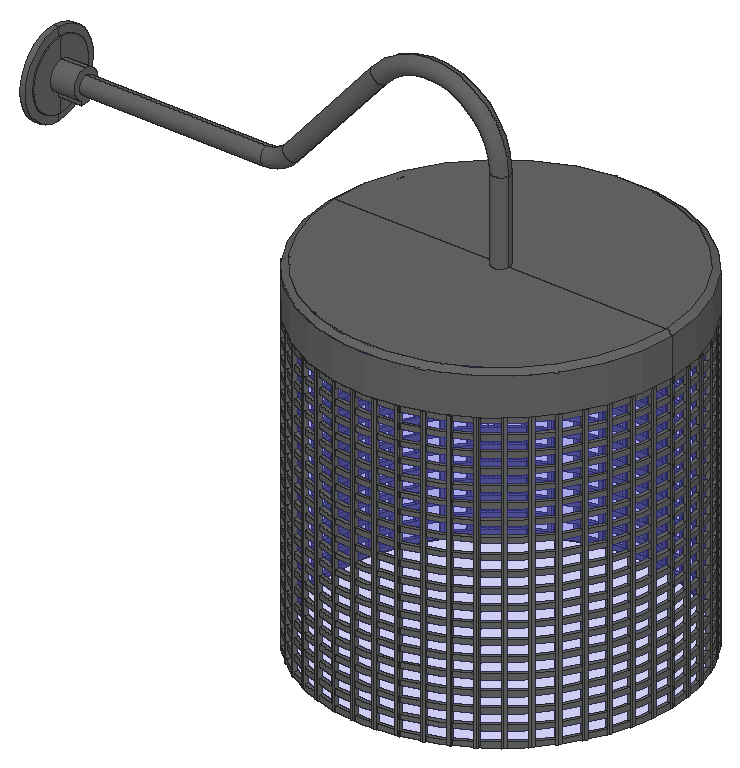
Revit family "OSOC MB 20", category Lighting Fixtures, Revit 2020 (continued)
Definition of nested family "OSOC 20_1"
  Definition of nested family "OSOC20"
    Automatic sketch dimensions
      Extrusion 10 sketch curve to Extrusion 10 sketch curve = 0' - 9.80176"
      Extrusion 10 sketch curve to Extrusion 10 sketch curve = 0' - 0.12369"
      Extrusion 11 sketch curve to Extrusion 11 sketch curve = 0' - 0"  (x17)
      Extrusion 11 sketch curve to Extrusion 11 sketch curve = 0' - 0.19748"
      Extrusion 11 sketch curve to Extrusion 11 sketch curve = 0' - 9.80176"
      Extrusion 11 sketch curve to Extrusion 11 sketch curve = 0' - 0.12369"
      Extrusion 12 sketch curve to Extrusion 12 sketch curve = 0' - 0"  (x17)
      Extrusion 12 sketch curve to Extrusion 12 sketch curve = 0' - 0.19748"
      Extrusion 12 sketch curve to Extrusion 12 sketch curve = 0' - 9.80176"
      Extrusion 12 sketch curve to Extrusion 12 sketch curve = 0' - 0.12369"
      Extrusion 13 sketch curve to Extrusion 13 sketch curve = 0' - 0"  (x17)
      Extrusion 13 sketch curve to Extrusion 13 sketch curve = 0' - 0.19748"
      Extrusion 13 sketch curve to Extrusion 13 sketch curve = 0' - 9.80176"
      Extrusion 13 sketch curve to Extrusion 13 sketch curve = 0' - 0.12369"
      Extrusion 14 sketch curve to Extrusion 14 sketch curve = 0' - 0"  (x17)
      Extrusion 14 sketch curve to Extrusion 14 sketch curve = 0' - 0.19748"
      Extrusion 14 sketch curve to Extrusion 14 sketch curve = 0' - 9.80176"
      Extrusion 14 sketch curve to Extrusion 14 sketch curve = 0' - 0.12369"
      Extrusion 15 sketch curve to Extrusion 15 sketch curve = 0' - 0"  (x17)
      Extrusion 15 sketch curve to Extrusion 15 sketch curve = 0' - 0.19748"
      Extrusion 15 sketch curve to Extrusion 15 sketch curve = 0' - 9.80176"
      Extrusion 15 sketch curve to Extrusion 15 sketch curve = 0' - 0.12369"
      Extrusion 16 sketch curve to Extrusion 16 sketch curve = 0' - 0"  (x17)
      Extrusion 16 sketch curve to Extrusion 16 sketch curve = 0' - 0.19748"
      Extrusion 16 sketch curve to Extrusion 16 sketch curve = 0' - 9.80176"
      Extrusion 16 sketch curve to Extrusion 16 sketch curve = 0' - 0.12369"
      Extrusion 17 sketch curve to Extrusion 17 sketch curve = 0' - 0"  (x17)
      Extrusion 17 sketch curve to Extrusion 17 sketch curve = 0' - 0.19748"
      Extrusion 17 sketch curve to Extrusion 17 sketch curve = 0' - 9.80176"
      Extrusion 17 sketch curve to Extrusion 17 sketch curve = 0' - 0.12369"
      Extrusion 18 sketch curve to Extrusion 18 sketch curve = 0' - 0"  (x17)
      Extrusion 18 sketch curve to Extrusion 18 sketch curve = 0' - 0.19748"
      Extrusion 18 sketch curve to Extrusion 18 sketch curve = 0' - 9.80176"
      Extrusion 18 sketch curve to Extrusion 18 sketch curve = 0' - 0.12369"
      Extrusion 19 sketch curve to Extrusion 19 sketch curve = 0' - 0"  (x17)
      Extrusion 19 sketch curve to Extrusion 19 sketch curve = 0' - 0.19748"
      Extrusion 19 sketch curve to Extrusion 19 sketch curve = 0' - 9.80176"
      Extrusion 19 sketch curve to Extrusion 19 sketch curve = 0' - 0.12369"
      Extrusion 20 sketch curve to Extrusion 20 sketch curve = 0' - 0"  (x17)
      Extrusion 20 sketch curve to Extrusion 20 sketch curve = 0' - 0.19748"
      Extrusion 20 sketch curve to Extrusion 20 sketch curve = 0' - 9.80176"
      Extrusion 20 sketch curve to Extrusion 20 sketch curve = 0' - 0.12369"
      Extrusion 21 sketch curve to Extrusion 21 sketch curve = 0' - 0"  (x17)
      Extrusion 21 sketch curve to Extrusion 21 sketch curve = 0' - 0.19748"
      Extrusion 21 sketch curve to Extrusion 21 sketch curve = 0' - 9.80176"
      Extrusion 21 sketch curve to Extrusion 21 sketch curve = 0' - 0.12369"
      Extrusion 22 sketch curve to Extrusion 22 sketch curve = 0' - 0"  (x17)
      Extrusion 22 sketch curve to Extrusion 22 sketch curve = 0' - 0.19748"
      Extrusion 22 sketch curve to Extrusion 22 sketch curve = 0' - 9.80176"
      Extrusion 22 sketch curve to Extrusion 22 sketch curve = 0' - 0.12369"
      Extrusion 23 sketch curve to Extrusion 23 sketch curve = 0' - 0"  (x17)
      Extrusion 23 sketch curve to Extrusion 23 sketch curve = 0' - 0.19748"
      Extrusion 23 sketch curve to Extrusion 23 sketch curve = 0' - 9.80176"
      Extrusion 23 sketch curve to Extrusion 23 sketch curve = 0' - 0.12369"
      Extrusion 24 sketch curve to Extrusion 24 sketch curve = 0' - 0"  (x17)
      Extrusion 24 sketch curve to Extrusion 24 sketch curve = 0' - 0.19748"
      Extrusion 24 sketch curve to Extrusion 24 sketch curve = 0' - 9.80176"
      Extrusion 24 sketch curve to Extrusion 24 sketch curve = 0' - 0.12369"
      Extrusion 25 sketch curve to Extrusion 25 sketch curve = 0' - 0"  (x17)
      Extrusion 25 sketch curve to Extrusion 25 sketch curve = 0' - 0.19748"
      Extrusion 25 sketch curve to Extrusion 25 sketch curve = 0' - 9.80176"
      Extrusion 25 sketch curve to Extrusion 25 sketch curve = 0' - 0.12369"
      Extrusion 26 sketch curve to Extrusion 26 sketch curve = 0' - 0"  (x17)
      Extrusion 26 sketch curve to Extrusion 26 sketch curve = 0' - 0.19748"
      Extrusion 26 sketch curve to Extrusion 26 sketch curve = 0' - 9.80176"
      Extrusion 26 sketch curve to Extrusion 26 sketch curve = 0' - 0.12369"
      Extrusion 27 sketch curve to Extrusion 27 sketch curve = 0' - 0"  (x17)
      Extrusion 27 sketch curve to Extrusion 27 sketch curve = 0' - 0.19748"
      Extrusion 27 sketch curve to Extrusion 27 sketch curve = 0' - 9.80176"
      Extrusion 27 sketch curve to Extrusion 27 sketch curve = 0' - 0.12369"
      Extrusion 28 sketch curve to Extrusion 28 sketch curve = 0' - 0"  (x17)
      Extrusion 28 sketch curve to Extrusion 28 sketch curve = 0' - 0.19748"
      Extrusion 28 sketch curve to Extrusion 28 sketch curve = 0' - 9.80176"
      Extrusion 28 sketch curve to Extrusion 28 sketch curve = 0' - 0.12369"
      Extrusion 29 sketch curve to Extrusion 29 sketch curve = 0' - 0"  (x17)
      Extrusion 29 sketch curve to Extrusion 29 sketch curve = 0' - 0.19748"
      Extrusion 29 sketch curve to Extrusion 29 sketch curve = 0' - 9.80176"
      Extrusion 29 sketch curve to Extrusion 29 sketch curve = 0' - 0.12369"
      Extrusion 30 sketch curve to Extrusion 30 sketch curve = 0' - 0"  (x17)
      Extrusion 30 sketch curve to Extrusion 30 sketch curve = 0' - 0.19748"
      Extrusion 30 sketch curve to Extrusion 30 sketch curve = 0' - 9.80176"
      Extrusion 30 sketch curve to Extrusion 30 sketch curve = 0' - 0.12369"
      Extrusion 31 sketch curve to Extrusion 31 sketch curve = 0' - 0"  (x17)
      Extrusion 31 sketch curve to Extrusion 31 sketch curve = 0' - 0.19748"
      Extrusion 31 sketch curve to Extrusion 31 sketch curve = 0' - 9.80176"
      Extrusion 31 sketch curve to Extrusion 31 sketch curve = 0' - 0.12369"
      Extrusion 32 sketch curve to Extrusion 32 sketch curve = 0' - 0"  (x17)
      Extrusion 32 sketch curve to Extrusion 32 sketch curve = 0' - 0.19748"
      Extrusion 32 sketch curve to Extrusion 32 sketch curve = 0' - 9.80176"
      Extrusion 32 sketch curve to Extrusion 32 sketch curve = 0' - 0.12369"
      Extrusion 33 sketch curve to Extrusion 33 sketch curve = 0' - 0"  (x17)
      Extrusion 33 sketch curve to Extrusion 33 sketch curve = 0' - 0.19748"
      Extrusion 33 sketch curve to Extrusion 33 sketch curve = 0' - 9.80176"
      Extrusion 33 sketch curve to Extrusion 33 sketch curve = 0' - 0.12369"
      Extrusion 34 sketch curve to Extrusion 34 sketch curve = 0' - 0"  (x17)
      Extrusion 34 sketch curve to Extrusion 34 sketch curve = 0' - 0.19748"
      Extrusion 34 sketch curve to Extrusion 34 sketch curve = 0' - 9.80176"
      Extrusion 34 sketch curve to Extrusion 34 sketch curve = 0' - 0.12369"
      Extrusion 35 sketch curve to Extrusion 35 sketch curve = 0' - 0"  (x17)
      Extrusion 35 sketch curve to Extrusion 35 sketch curve = 0' - 0.19748"
      Extrusion 35 sketch curve to Extrusion 35 sketch curve = 0' - 9.80176"
      Extrusion 35 sketch curve to Extrusion 35 sketch curve = 0' - 0.12369"
      Extrusion 36 sketch curve to Extrusion 36 sketch curve = 0' - 0"  (x17)
      Extrusion 36 sketch curve to Extrusion 36 sketch curve = 0' - 0.19748"
      Extrusion 36 sketch curve to Extrusion 36 sketch curve = 0' - 9.80176"
      Extrusion 36 sketch curve to Extrusion 36 sketch curve = 0' - 0.12369"
      Extrusion 37 sketch curve to Extrusion 37 sketch curve = 0' - 0"  (x17)
      Extrusion 37 sketch curve to Extrusion 37 sketch curve = 0' - 0.19748"
      Extrusion 37 sketch curve to Extrusion 37 sketch curve = 0' - 9.80176"
      Extrusion 37 sketch curve to Extrusion 37 sketch curve = 0' - 0.12369"
      Extrusion 38 sketch curve to Extrusion 38 sketch curve = 0' - 0"  (x17)
      Extrusion 38 sketch curve to Extrusion 38 sketch curve = 0' - 0.19748"
      Extrusion 38 sketch curve to Extrusion 38 sketch curve = 0' - 9.80176"
      Extrusion 38 sketch curve to Extrusion 38 sketch curve = 0' - 0.12369"
      Extrusion 39 sketch curve to Extrusion 39 sketch curve = 0' - 0"  (x17)
      Extrusion 39 sketch curve to Extrusion 39 sketch curve = 0' - 0.19748"
      Extrusion 39 sketch curve to Extrusion 39 sketch curve = 0' - 9.80176"
      Extrusion 39 sketch curve to Extrusion 39 sketch curve = 0' - 0.12369"
      Extrusion 40 sketch curve to Extrusion 40 sketch curve = 0' - 0"  (x17)
      Extrusion 40 sketch curve to Extrusion 40 sketch curve = 0' - 0.19748"
      Extrusion 40 sketch curve to Extrusion 40 sketch curve = 0' - 9.80176"
      Extrusion 40 sketch curve to Extrusion 40 sketch curve = 0' - 0.12369"
      Extrusion 41 sketch curve to Extrusion 41 sketch curve = 0' - 0"  (x17)
      Extrusion 41 sketch curve to Extrusion 41 sketch curve = 0' - 0.19748"
      Extrusion 41 sketch curve to Extrusion 41 sketch curve = 0' - 9.80176"
      Extrusion 41 sketch curve to Extrusion 41 sketch curve = 0' - 0.12369"
      Extrusion 42 sketch curve to Extrusion 42 sketch curve = 0' - 0"  (x17)
      Extrusion 42 sketch curve to Extrusion 42 sketch curve = 0' - 0.19748"
      Extrusion 42 sketch curve to Extrusion 42 sketch curve = 0' - 9.80176"
      Extrusion 42 sketch curve to Extrusion 42 sketch curve = 0' - 0.12369"
      Extrusion 43 sketch curve to Extrusion 43 sketch curve = 0' - 0"  (x17)
      Extrusion 43 sketch curve to Extrusion 43 sketch curve = 0' - 0.19748"
      Extrusion 43 sketch curve to Extrusion 43 sketch curve = 0' - 9.80176"
      Extrusion 43 sketch curve to Extrusion 43 sketch curve = 0' - 0.12369"
      Extrusion 44 sketch curve to Extrusion 44 sketch curve = 0' - 0"  (x17)
      Extrusion 44 sketch curve to Extrusion 44 sketch curve = 0' - 0.19748"
      Extrusion 44 sketch curve to Extrusion 44 sketch curve = 0' - 9.80176"
      Extrusion 44 sketch curve to Extrusion 44 sketch curve = 0' - 0.12369"
      Extrusion 45 sketch curve to Extrusion 45 sketch curve = 0' - 0"  (x17)
      Extrusion 45 sketch curve to Extrusion 45 sketch curve = 0' - 0.19748"
      Extrusion 45 sketch curve to Extrusion 45 sketch curve = 0' - 9.80176"
      Extrusion 45 sketch curve to Extrusion 45 sketch curve = 0' - 0.12369"
      Extrusion 46 sketch curve to Extrusion 46 sketch curve = 0' - 0"  (x17)
      Extrusion 46 sketch curve to Extrusion 46 sketch curve = 0' - 0.19748"
      Extrusion 46 sketch curve to Extrusion 46 sketch curve = 0' - 9.80176"
      Extrusion 46 sketch curve to Extrusion 46 sketch curve = 0' - 0.12369"
      Extrusion 47 sketch curve to Extrusion 47 sketch curve = 0' - 0"  (x17)
      Extrusion 47 sketch curve to Extrusion 47 sketch curve = 0' - 0.19748"
      Extrusion 47 sketch curve to Extrusion 47 sketch curve = 0' - 9.80176"
      Extrusion 47 sketch curve to Extrusion 47 sketch curve = 0' - 0.12369"
      Extrusion 48 sketch curve to Extrusion 48 sketch curve = 0' - 0"  (x17)
      Extrusion 48 sketch curve to Extrusion 48 sketch curve = 0' - 0.19748"
      Extrusion 48 sketch curve to Extrusion 48 sketch curve = 0' - 9.80176"
      Extrusion 48 sketch curve to Extrusion 48 sketch curve = 0' - 0.12369"
      Extrusion 49 sketch curve to Extrusion 49 sketch curve = 0' - 0"  (x17)
      Extrusion 49 sketch curve to Extrusion 49 sketch curve = 0' - 0.19748"
      Extrusion 49 sketch curve to Extrusion 49 sketch curve = 0' - 9.80176"
      Extrusion 49 sketch curve to Extrusion 49 sketch curve = 0' - 0.12369"
      Extrusion 50 sketch curve to Extrusion 50 sketch curve = 0' - 0"  (x17)
      Extrusion 50 sketch curve to Extrusion 50 sketch curve = 0' - 0.19748"
      Extrusion 50 sketch curve to Extrusion 50 sketch curve = 0' - 9.80176"
      Extrusion 50 sketch curve to Extrusion 50 sketch curve = 0' - 0.12369"
      Extrusion 51 sketch curve to Extrusion 51 sketch curve = 0' - 0"  (x17)
      Extrusion 51 sketch curve to Extrusion 51 sketch curve = 0' - 0.19748"
      Extrusion 51 sketch curve to Extrusion 51 sketch curve = 0' - 9.80176"
      Extrusion 51 sketch curve to Extrusion 51 sketch curve = 0' - 0.12369"
      Extrusion 52 sketch curve to Extrusion 52 sketch curve = 0' - 0"  (x17)
      Extrusion 52 sketch curve to Extrusion 52 sketch curve = 0' - 0.19748"
      Extrusion 52 sketch curve to Extrusion 52 sketch curve = 0' - 9.80176"
      Extrusion 52 sketch curve to Extrusion 52 sketch curve = 0' - 0.12369"
      Revolve 53 sketch curve to Revolve 53 sketch curve = 0' - 0.29377"
      Revolve 53 sketch curve to Revolve 53 sketch curve = 0' - 1"  (x2)
      Revolve 53 sketch curve to Revolve 53 sketch curve = 0' - 0.19824"
      Revolve 53 sketch curve to Revolve 53 sketch curve = 0' - 9.80176"
      Revolve 55 sketch curve to Revolve 55 sketch curve = 0' - 0.29377"
      Revolve 55 sketch curve to Revolve 55 sketch curve = 0' - 1"  (x2)
      Revolve 55 sketch curve to Revolve 55 sketch curve = 0' - 0.19824"
      Revolve 55 sketch curve to Revolve 55 sketch curve = 0' - 9.80176"
      Revolve 56 sketch curve to Revolve 56 sketch curve = 0' - 0.29377"
      Revolve 56 sketch curve to Revolve 56 sketch curve = 0' - 1"  (x2)
      Revolve 56 sketch curve to Revolve 56 sketch curve = 0' - 0.19824"
      Revolve 56 sketch curve to Revolve 56 sketch curve = 0' - 9.80176"
      Revolve 57 sketch curve to Revolve 57 sketch curve = 0' - 0.29377"
      Revolve 57 sketch curve to Revolve 57 sketch curve = 0' - 1"  (x2)
      Revolve 57 sketch curve to Revolve 57 sketch curve = 0' - 0.19824"
      Revolve 57 sketch curve to Revolve 57 sketch curve = 0' - 9.80176"
      Revolve 58 sketch curve to Revolve 58 sketch curve = 0' - 0.29377"
      Revolve 58 sketch curve to Revolve 58 sketch curve = 0' - 1"  (x2)
      Revolve 58 sketch curve to Revolve 58 sketch curve = 0' - 0.19824"
      Revolve 58 sketch curve to Revolve 58 sketch curve = 0' - 9.80176"
      Revolve 59 sketch curve to Revolve 59 sketch curve = 0' - 0.29377"
      Revolve 59 sketch curve to Revolve 59 sketch curve = 0' - 1"  (x2)
      Revolve 59 sketch curve to Revolve 59 sketch curve = 0' - 0.19824"
      Revolve 59 sketch curve to Revolve 59 sketch curve = 0' - 9.80176"
      Revolve 60 sketch curve to Revolve 60 sketch curve = 0' - 0.29377"
      Revolve 60 sketch curve to Revolve 60 sketch curve = 0' - 1"  (x2)
      Revolve 60 sketch curve to Revolve 60 sketch curve = 0' - 0.19824"
      Revolve 60 sketch curve to Revolve 60 sketch curve = 0' - 9.80176"
      Revolve 61 sketch curve to Revolve 61 sketch curve = 0' - 0.29377"
      Revolve 61 sketch curve to Revolve 61 sketch curve = 0' - 1"  (x2)
      Revolve 61 sketch curve to Revolve 61 sketch curve = 0' - 0.19824"
      Revolve 61 sketch curve to Revolve 61 sketch curve = 0' - 9.80176"
      Revolve 62 sketch curve to Revolve 62 sketch curve = 0' - 0.29377"
      Revolve 62 sketch curve to Revolve 62 sketch curve = 0' - 1"  (x2)
      Revolve 62 sketch curve to Revolve 62 sketch curve = 0' - 0.19824"
      Revolve 62 sketch curve to Revolve 62 sketch curve = 0' - 9.80176"
      Revolve 62 sketch curve to plane 5 = 0' - 0"
      level to Revolve 62 sketch curve = 0' - 7.11315"
      Revolve 58 sketch curve to plane 5 = 0' - 0"
      level to Revolve 58 sketch curve = 0' - 3.55658"
      Revolve 57 sketch curve to plane 5 = 0' - 0"
      level to Revolve 57 sketch curve = 0' - 2.66743"
      Revolve 55 sketch curve to plane 5 = 0' - 0"
      level to Revolve 55 sketch curve = 0' - 0.88914"
      Revolve 59 sketch curve to plane 5 = 0' - 0"
      level to Revolve 59 sketch curve = 0' - 4.44572"
      plane 1 "Center (Front/Back)" to Extrusion 45 sketch curve = 0' - 0"
      Extrusion 45 sketch curve to plane 3 "Center (Left/Right)" = 0' - 0"
      plane 1 "Center (Front/Back)" to Extrusion 42 sketch curve = 0' - 0"
      Extrusion 42 sketch curve to plane 3 "Center (Left/Right)" = 0' - 0"
      plane 1 "Center (Front/Back)" to Extrusion 36 sketch curve = 0' - 0"
      Extrusion 36 sketch curve to plane 3 "Center (Left/Right)" = 0' - 0"
      plane 1 "Center (Front/Back)" to Extrusion 32 sketch curve = 0' - 0"
      Extrusion 32 sketch curve to plane 3 "Center (Left/Right)" = 0' - 0"
      plane 1 "Center (Front/Back)" to Extrusion 31 sketch curve = 0' - 0"
      Extrusion 31 sketch curve to plane 3 "Center (Left/Right)" = 0' - 0"
      plane 1 "Center (Front/Back)" to Extrusion 35 sketch curve = 0' - 0"
      Extrusion 35 sketch curve to plane 3 "Center (Left/Right)" = 0' - 0"
      plane 1 "Center (Front/Back)" to Extrusion 38 sketch curve = 0' - 0"
      Extrusion 38 sketch curve to plane 3 "Center (Left/Right)" = 0' - 0"
      plane 1 "Center (Front/Back)" to Extrusion 16 sketch curve = 0' - 0"
      Extrusion 16 sketch curve to plane 3 "Center (Left/Right)" = 0' - 0"
      plane 1 "Center (Front/Back)" to Extrusion 44 sketch curve = 0' - 0"
      Extrusion 44 sketch curve to plane 3 "Center (Left/Right)" = 0' - 0"
      plane 1 "Center (Front/Back)" to Extrusion 46 sketch curve = 0' - 0"
      Extrusion 46 sketch curve to plane 3 "Center (Left/Right)" = 0' - 0"
      plane 1 "Center (Front/Back)" to Extrusion 47 sketch curve = 0' - 0"
      Extrusion 47 sketch curve to plane 3 "Center (Left/Right)" = 0' - 0"
      plane 1 "Center (Front/Back)" to Extrusion 49 sketch curve = 0' - 0"
      Extrusion 49 sketch curve to plane 3 "Center (Left/Right)" = 0' - 0"
      plane 1 "Center (Front/Back)" to Extrusion 51 sketch curve = 0' - 0"
      Extrusion 51 sketch curve to plane 3 "Center (Left/Right)" = 0' - 0"
      plane 1 "Center (Front/Back)" to Extrusion 13 sketch curve = 0' - 0"
      Extrusion 13 sketch curve to plane 3 "Center (Left/Right)" = 0' - 0"
      plane 1 "Center (Front/Back)" to Extrusion 41 sketch curve = 0' - 0"
      Extrusion 41 sketch curve to plane 3 "Center (Left/Right)" = 0' - 0"
      plane 1 "Center (Front/Back)" to Extrusion 20 sketch curve = 0' - 0"
      Extrusion 20 sketch curve to plane 3 "Center (Left/Right)" = 0' - 0"
      plane 1 "Center (Front/Back)" to Extrusion 34 sketch curve = 0' - 0"
      Extrusion 34 sketch curve to plane 3 "Center (Left/Right)" = 0' - 0"
      plane 1 "Center (Front/Back)" to Extrusion 27 sketch curve = 0' - 0"
      Extrusion 27 sketch curve to plane 3 "Center (Left/Right)" = 0' - 0"
      plane 1 "Center (Front/Back)" to Extrusion 33 sketch curve = 0' - 0"
      Extrusion 33 sketch curve to plane 3 "Center (Left/Right)" = 0' - 0"
      plane 1 "Center (Front/Back)" to Extrusion 37 sketch curve = 0' - 0"
      Extrusion 37 sketch curve to plane 3 "Center (Left/Right)" = 0' - 0"
      plane 1 "Center (Front/Back)" to Extrusion 40 sketch curve = 0' - 0"
      Extrusion 40 sketch curve to plane 3 "Center (Left/Right)" = 0' - 0"
      plane 1 "Center (Front/Back)" to Extrusion 43 sketch curve = 0' - 0"
      Extrusion 43 sketch curve to plane 3 "Center (Left/Right)" = 0' - 0"
      plane 1 "Center (Front/Back)" to Extrusion 12 sketch curve = 0' - 0"
      Extrusion 12 sketch curve to plane 3 "Center (Left/Right)" = 0' - 0"
      plane 1 "Center (Front/Back)" to Extrusion 48 sketch curve = 0' - 0"
      Extrusion 48 sketch curve to plane 3 "Center (Left/Right)" = 0' - 0"
      plane 1 "Center (Front/Back)" to Extrusion 52 sketch curve = 0' - 0"
      Extrusion 52 sketch curve to plane 3 "Center (Left/Right)" = 0' - 0"
      plane 1 "Center (Front/Back)" to Extrusion 9 sketch curve = 0' - 0"
      Extrusion 9 sketch curve to plane 3 "Center (Left/Right)" = 0' - 0"
      plane 1 "Center (Front/Back)" to Extrusion 10 sketch curve = 0' - 0"
      Extrusion 10 sketch curve to plane 3 "Center (Left/Right)" = 0' - 0"
      plane 1 "Center (Front/Back)" to Extrusion 18 sketch curve = 0' - 0"
      Extrusion 18 sketch curve to plane 3 "Center (Left/Right)" = 0' - 0"
      plane 1 "Center (Front/Back)" to Extrusion 23 sketch curve = 0' - 0"
      Extrusion 23 sketch curve to plane 3 "Center (Left/Right)" = 0' - 0"
      plane 1 "Center (Front/Back)" to Extrusion 39 sketch curve = 0' - 0"
      Extrusion 39 sketch curve to plane 3 "Center (Left/Right)" = 0' - 0"
      plane 1 "Center (Front/Back)" to Extrusion 22 sketch curve = 0' - 0"
      Extrusion 22 sketch curve to plane 3 "Center (Left/Right)" = 0' - 0"
      plane 1 "Center (Front/Back)" to Extrusion 30 sketch curve = 0' - 0"
      Extrusion 30 sketch curve to plane 3 "Center (Left/Right)" = 0' - 0"
      plane 1 "Center (Front/Back)" to Extrusion 24 sketch curve = 0' - 0"
      Extrusion 24 sketch curve to plane 3 "Center (Left/Right)" = 0' - 0"
      plane 1 "Center (Front/Back)" to Extrusion 21 sketch curve = 0' - 0"
      Extrusion 21 sketch curve to plane 3 "Center (Left/Right)" = 0' - 0"
      Revolve 60 sketch curve to plane 5 = 0' - 0"
      level to Revolve 60 sketch curve = 0' - 5.33486"
      Revolve 53 sketch curve to level = 0' - 0"
      Revolve 53 sketch curve to plane 5 = 0' - 0"
      Revolve 56 sketch curve to plane 5 = 0' - 0"
      level to Revolve 56 sketch curve = 0' - 1.77829"
      Revolve 61 sketch curve to plane 5 = 0' - 0"
      level to Revolve 61 sketch curve = 0' - 6.22401"
      plane 1 "Center (Front/Back)" to Extrusion 7 sketch curve = 0' - 0"
      Extrusion 7 sketch curve to plane 3 "Center (Left/Right)" = 0' - 0"
      plane 1 "Center (Front/Back)" to Extrusion 4 sketch curve = 0' - 0"
      Extrusion 4 sketch curve to plane 3 "Center (Left/Right)" = 0' - 0"
      plane 1 "Center (Front/Back)" to Extrusion 11 sketch curve = 0' - 0"
      Extrusion 11 sketch curve to plane 3 "Center (Left/Right)" = 0' - 0"
      plane 1 "Center (Front/Back)" to Extrusion 14 sketch curve = 0' - 0"
      Extrusion 14 sketch curve to plane 3 "Center (Left/Right)" = 0' - 0"
      plane 1 "Center (Front/Back)" to Extrusion 15 sketch curve = 0' - 0"
      Extrusion 15 sketch curve to plane 3 "Center (Left/Right)" = 0' - 0"
      plane 1 "Center (Front/Back)" to Extrusion 3 sketch curve = 0' - 0"
      Extrusion 3 sketch curve to plane 3 "Center (Left/Right)" = 0' - 0"
      plane 1 "Center (Front/Back)" to Extrusion 6 sketch curve = 0' - 0"
      Extrusion 6 sketch curve to plane 3 "Center (Left/Right)" = 0' - 0"
      plane 1 "Center (Front/Back)" to Extrusion 5 sketch curve = 0' - 0"
      Extrusion 5 sketch curve to plane 3 "Center (Left/Right)" = 0' - 0"
      plane 1 "Center (Front/Back)" to Extrusion 50 sketch curve = 0' - 0"
      Extrusion 50 sketch curve to plane 3 "Center (Left/Right)" = 0' - 0"
      plane 1 "Center (Front/Back)" to Extrusion 8 sketch curve = 0' - 0"
      Extrusion 8 sketch curve to plane 3 "Center (Left/Right)" = 0' - 0"
      plane 1 "Center (Front/Back)" to Extrusion 17 sketch curve = 0' - 0"
      Extrusion 17 sketch curve to plane 3 "Center (Left/Right)" = 0' - 0"
      plane 1 "Center (Front/Back)" to Extrusion 19 sketch curve = 0' - 0"
      Extrusion 19 sketch curve to plane 3 "Center (Left/Right)" = 0' - 0"
      plane 1 "Center (Front/Back)" to Extrusion 25 sketch curve = 0' - 0"
      Extrusion 25 sketch curve to plane 3 "Center (Left/Right)" = 0' - 0"
      plane 1 "Center (Front/Back)" to Extrusion 26 sketch curve = 0' - 0"
      Extrusion 26 sketch curve to plane 3 "Center (Left/Right)" = 0' - 0"
      plane 1 "Center (Front/Back)" to Extrusion 28 sketch curve = 0' - 0"
      Extrusion 28 sketch curve to plane 3 "Center (Left/Right)" = 0' - 0"
      plane 1 "Center (Front/Back)" to Extrusion 29 sketch curve = 0' - 0"
      Extrusion 29 sketch curve to plane 3 "Center (Left/Right)" = 0' - 0"
      Revolve 54 sketch curve to plane 5 = 0' - 0"
      Revolve 54 sketch curve to plane 3 "Center (Left/Right)" = 0' - 0"
      Revolve 54 sketch curve to Revolve 54 sketch curve = 0' - 0.19824"
      Revolve 54 sketch curve to plane 4 = 0' - 2.73127"
      Revolve 54 sketch curve to Revolve 54 sketch curve = 0' - 0.29377"
      Revolve 54 sketch curve to plane 4 = 0' - 1 7/16"
      Revolve 54 sketch curve to plane 4 = 0' - 0 7/16"
      Revolve 72 sketch curve to plane 5 = 0' - 0"
      Revolve 72 sketch curve to plane 3 "Center (Left/Right)" = 0' - 0"
      Revolve 72 sketch curve to Revolve 72 sketch curve = 0' - 0.19824"
      Revolve 72 sketch curve to plane 4 = 0' - 3.62041"
      Revolve 72 sketch curve to Revolve 72 sketch curve = 0' - 0.29377"
      Revolve 72 sketch curve to plane 4 = 0' - 2.32664"
      Revolve 72 sketch curve to Revolve 72 sketch curve = 0' - 1"
      Revolve 71 sketch curve to plane 5 = 0' - 0"
      Revolve 71 sketch curve to plane 3 "Center (Left/Right)" = 0' - 0"
      Revolve 71 sketch curve to Revolve 71 sketch curve = 0' - 0.19824"
      Revolve 71 sketch curve to plane 4 = 0' - 4.50955"
      Revolve 71 sketch curve to Revolve 71 sketch curve = 0' - 0.29377"
      Revolve 71 sketch curve to plane 4 = 0' - 3.21579"
      Revolve 71 sketch curve to Revolve 71 sketch curve = 0' - 1"
      Revolve 70 sketch curve to plane 5 = 0' - 0"
      Revolve 70 sketch curve to plane 3 "Center (Left/Right)" = 0' - 0"
      Revolve 70 sketch curve to Revolve 70 sketch curve = 0' - 0.19824"
      Revolve 70 sketch curve to plane 4 = 0' - 5.3987"
      Revolve 70 sketch curve to Revolve 70 sketch curve = 0' - 0.29377"
      Revolve 70 sketch curve to plane 4 = 0' - 4.10493"
      Revolve 70 sketch curve to Revolve 70 sketch curve = 0' - 1"
      Revolve 69 sketch curve to plane 5 = 0' - 0"
      Revolve 69 sketch curve to plane 3 "Center (Left/Right)" = 0' - 0"
      Revolve 69 sketch curve to Revolve 69 sketch curve = 0' - 0.19824"
      Revolve 69 sketch curve to plane 4 = 0' - 6.28784"
      Revolve 69 sketch curve to Revolve 69 sketch curve = 0' - 0.29377"
      Revolve 69 sketch curve to plane 4 = 0' - 4.99408"
      Revolve 69 sketch curve to Revolve 69 sketch curve = 0' - 1"
      Revolve 68 sketch curve to plane 5 = 0' - 0"
      Revolve 68 sketch curve to plane 3 "Center (Left/Right)" = 0' - 0"
      Revolve 68 sketch curve to Revolve 68 sketch curve = 0' - 0.19824"
      Revolve 68 sketch curve to plane 4 = 0' - 7.17699"
      Revolve 68 sketch curve to Revolve 68 sketch curve = 0' - 0.29377"
      Revolve 68 sketch curve to plane 4 = 0' - 5.88322"
      Revolve 68 sketch curve to Revolve 68 sketch curve = 0' - 1"
      Revolve 67 sketch curve to plane 5 = 0' - 0"
      Revolve 67 sketch curve to plane 3 "Center (Left/Right)" = 0' - 0"
      Revolve 67 sketch curve to Revolve 67 sketch curve = 0' - 0.19824"
      Revolve 67 sketch curve to plane 4 = 0' - 8.06613"
      Revolve 67 sketch curve to Revolve 67 sketch curve = 0' - 0.29377"
      Revolve 67 sketch curve to plane 4 = 0' - 6.77236"
      Revolve 67 sketch curve to Revolve 67 sketch curve = 0' - 1"
      Revolve 66 sketch curve to plane 5 = 0' - 0"
      Revolve 66 sketch curve to plane 3 "Center (Left/Right)" = 0' - 0"
      Revolve 66 sketch curve to Revolve 66 sketch curve = 0' - 0.19824"
      Revolve 66 sketch curve to plane 4 = 0' - 8.95527"
      Revolve 66 sketch curve to Revolve 66 sketch curve = 0' - 0.29377"
      Revolve 66 sketch curve to plane 4 = 0' - 7.66151"
      Revolve 66 sketch curve to Revolve 66 sketch curve = 0' - 1"
      Revolve 65 sketch curve to plane 5 = 0' - 0"
      Revolve 65 sketch curve to plane 3 "Center (Left/Right)" = 0' - 0"
      Revolve 65 sketch curve to Revolve 65 sketch curve = 0' - 0.19824"
      level to Revolve 65 sketch curve = 0' - 9.78058"
      Revolve 65 sketch curve to Revolve 65 sketch curve = 0' - 0.29377"
      Revolve 65 sketch curve to plane 4 = 0' - 8.55065"
      Revolve 65 sketch curve to Revolve 65 sketch curve = 0' - 1"
      Revolve 64 sketch curve to plane 5 = 0' - 0"
      Revolve 64 sketch curve to plane 3 "Center (Left/Right)" = 0' - 0"
      Revolve 64 sketch curve to Revolve 64 sketch curve = 0' - 0.19824"
      level to Revolve 64 sketch curve = 0' - 8.89144"
      Revolve 64 sketch curve to Revolve 64 sketch curve = 0' - 0.29377"
      Revolve 64 sketch curve to plane 4 = 0' - 9.43979"
      Revolve 64 sketch curve to Revolve 64 sketch curve = 0' - 1"
      Revolve 63 sketch curve to plane 5 = 0' - 0"
      Revolve 63 sketch curve to plane 3 "Center (Left/Right)" = 0' - 0"
      Revolve 63 sketch curve to Revolve 63 sketch curve = 0' - 0.19824"
      level to Revolve 63 sketch curve = 0' - 8.00229"
      Revolve 63 sketch curve to Revolve 63 sketch curve = 0' - 0.29377"
      level to Revolve 63 sketch curve = 0' - 9.29606"
      Revolve 63 sketch curve to Revolve 63 sketch curve = 0' - 1"
Definition of nested family "CORD OR STEM MOUNT"
  Parameters (values of type "CORD OR STEM MOUNT")
    URL = ""
    Model = ""
    Manufacturer = ""
    Light Elevation [instance] = 1' - 7.69"
    Default Elevation = 0' - 0"
    Cord or Stem Mount [instance] = yes
    Cord Length [instance] = 6' - 0"
    Body Material [instance] = none
    8' Cord [instance] = no
    6' Cord [instance] = no
    4' Cord [instance] = no
    2' Cord [instance] = no
    10' Cord [instance] = no
  Reference planes (in)
    plane 1 "Light Source Axis (F/B)": y = 0
    plane 2: z = 0
    plane 3 "Light Source Axis (L/R)": x = 0
    plane 4 "Light Source Elevation": z = 23.125
    plane 5: z = 91.69
    plane 6: z = 19.69
  Forms (in)
    Extrusion 1, void, not visible
      sketch origin (0, 0, 2.38154) x (1, 0, 0) y (0, 0, 1)
        loop
          circle (0, 4.59925) r 0.16583
      from 1.18594 to 1.75
    Extrusion 2, void, not visible
      sketch origin (0, 0, 2.38154) x (0.707107, -0.707107, 0) y (0, 0, 1)
        loop
          circle (0, 4.59925) r 0.16583
      from 1.18594 to 1.75
    Extrusion 3, void, not visible
      sketch origin (0, 0, 2.38154) x (0.707107, 0.707107, 0) y (0, 0, 1)
        loop
          circle (0, 4.59925) r 0.16583
      from 1.18594 to 1.75
    Extrusion 4, void, not visible
      sketch origin (0, 0, 2.38154) x (0, 1, 0) y (0, 0, 1)
        loop
          circle (0, 4.59925) r 0.16583
      from 1.18594 to 1.75
    Extrusion 5, void, not visible
      sketch origin (0, 0, 2.38154) x (-0.707107, 0.707107, 0) y (0, 0, 1)
        loop
          circle (0, 4.59925) r 0.16583
      from 1.18594 to 1.75
    Extrusion 6, void, not visible
      sketch origin (0, 0, 2.38154) x (-1, 0, 0) y (0, 0, 1)
        loop
          circle (0, 4.59925) r 0.20678
      from 1.18594 to 1.75
    Extrusion 7, void, not visible
      sketch origin (0, 0, 2.38154) x (-0.707107, -0.707107, 0) y (0, 0, 1)
        loop
          circle (0, 4.59925) r 0.16583
      from 1.18594 to 1.75
    Extrusion 8, void, not visible
      sketch origin (0, 0, 2.38154) x (0, -1, 0) y (0, 0, 1)
        loop
          circle (0, 4.59925) r 0.16583
      from 1.18594 to 1.75
    Revolve 9, solid, material <- "Body Material", visible <- "Cord or Stem Mount"
      sketch origin (0, 0, 174.56698) x (1, 0, 0) y (0, 0, 1)
        loop
          line (2.6875, -79.20698) -> (0, -79.20698) -> (0, -82.87698) -> (0.125, -82.87698) -> (0.125, -82.83698) -> (0.75, -82.83698)
          arc (0.75, -82.83698) -> (0.81694, -82.77004) -> (0.75, -82.7031) r 0.06694
          line (0.75, -82.7031) -> (0.89763, -82.7031) -> (1.00223, -82.5985) -> (1.06587, -82.5985)
          arc (1.06587, -82.5985) -> (1.80099, -82.29401) -> (2.10549, -81.55888) r 1.03962
          line (2.10549, -81.55888) -> (2.10549, -81.03899)
          arc (2.10549, -81.03899) -> (2.12951, -80.981) -> (2.1875, -80.95698) r 0.08201
          line (2.1875, -80.95698) -> (2.1875, -80.70698) -> (2.6875, -80.70698) -> (2.6875, -79.20698)
        axis (0, -79.20698) -> (0, -82.87698)
      angle from 0 to 360
    Revolve 10, solid, material <- "Body Material", visible <- "Cord or Stem Mount"
      sketch origin (0, 0, 0) x (1, 0, 0) y (0, 0, 1)
        loop
          line (0, 91.69) -> (-0.125, 91.69) -> (-0.125, 19.69) -> (0, 19.69) -> (0, 91.69)
        axis (0, 19.69) -> (0, 91.69)
      angle from 0 to 360
  Dimensions and locks (in)
    "Light Elevation": plane 6 to plane 2
    "Cord Length": plane 5 to plane 6
    locked: Revolve 10 sketch curve to Revolve 10 sketch curve at 0.125
    aligned and locked: level to plane 2
    aligned and locked: Revolve 10 sketch curve to plane 3 "Light Source Axis (L/R)"
    aligned and locked: Revolve 10 sketch curve to plane 6
    aligned and locked: Revolve 10 sketch curve to plane 5
    aligned and locked: plane 3 "Light Source Axis (L/R)" to Revolve 10 sketch curve
  Automatic sketch dimensions
    Revolve 9 sketch curve to plane 3 "Light Source Axis (L/R)" = 0' - 0"  (x2)
    Revolve 9 sketch curve to plane 5 = 0' - 0"
    plane 3 "Light Source Axis (L/R)" to Revolve 9 sketch curve = 0' - 0 1/8"
    Revolve 9 sketch curve to plane 5 = 0' - 0.17388"
    Revolve 9 sketch curve to Revolve 9 sketch curve = 0' - 0 5/8"
    Revolve 9 sketch curve to Revolve 9 sketch curve = 0' - 0.14763"
    Revolve 9 sketch curve to plane 5 = 0' - 0.27847"
    Revolve 9 sketch curve to Revolve 9 sketch curve = 0' - 0.1046"
    Revolve 9 sketch curve to Revolve 9 sketch curve = 0' - 0.06364"
    Revolve 9 sketch curve to Revolve 9 sketch curve = 0' - 1.03962"
    Revolve 9 sketch curve to Revolve 9 sketch curve = 0' - 0 21/256"
    Revolve 9 sketch curve to Revolve 9 sketch curve = 0' - 0 1/2"  (x2)
    Revolve 9 sketch curve to Revolve 9 sketch curve = 0' - 0.51989"
    Revolve 9 sketch curve to Revolve 9 sketch curve = 0' - 0 1/4"
    Revolve 9 sketch curve to Revolve 9 sketch curve = 0' - 2.3519"
    Revolve 9 sketch curve to Revolve 9 sketch curve = 0' - 1 1/4"
    Revolve 9 sketch curve to Revolve 9 sketch curve = 0' - 0.04"
    Revolve 10 sketch curve to Revolve 10 sketch curve = 0' - 0 1/2"
    Revolve 10 sketch curve to Revolve 10 sketch curve = 0' - 0.42345"
Definition of nested family "E7 41 INCH"
  Parameters (values of type "E7 41 INCH")
    URL = ""
    Placement X axis side [instance] = 4' - 2"
    Model = ""
    Manufacturer = ""
    Light Elevation [instance] = 8' - 4"
    E7 41 inch [instance] = yes
    Default Elevation = 0' - 0"
    Chain Length [instance] = 0' - 0"
    Body Material [instance] = none
  Reference planes (in)
    plane 1 "Light Source Axis (F/B)": y = 0
    plane 2: z = 0
    plane 3 "Light Source Axis (L/R)": x = 0
    plane 4 "Light Source Elevation": z = 23.125
    plane 5: z = 100
    plane 6: x = -50
  Forms (in)
    Extrusion 1, void, not visible
      sketch origin (0, 0, 2.38154) x (1, 0, 0) y (0, 0, 1)
        loop
          circle (0, 4.59925) r 0.16583
      from 1.18594 to 1.75
    Extrusion 2, void, not visible
      sketch origin (0, 0, 2.38154) x (0.707107, -0.707107, 0) y (0, 0, 1)
        loop
          circle (0, 4.59925) r 0.16583
      from 1.18594 to 1.75
    Extrusion 3, void, not visible
      sketch origin (0, 0, 2.38154) x (0.707107, 0.707107, 0) y (0, 0, 1)
        loop
          circle (0, 4.59925) r 0.16583
      from 1.18594 to 1.75
    Extrusion 4, void, not visible
      sketch origin (0, 0, 2.38154) x (0, 1, 0) y (0, 0, 1)
        loop
          circle (0, 4.59925) r 0.16583
      from 1.18594 to 1.75
    Extrusion 5, void, not visible
      sketch origin (0, 0, 2.38154) x (-0.707107, 0.707107, 0) y (0, 0, 1)
        loop
          circle (0, 4.59925) r 0.16583
      from 1.18594 to 1.75
    Extrusion 6, void, not visible
      sketch origin (0, 0, 2.38154) x (-1, 0, 0) y (0, 0, 1)
        loop
          circle (0, 4.59925) r 0.20678
      from 1.18594 to 1.75
    Extrusion 7, void, not visible
      sketch origin (0, 0, 2.38154) x (-0.707107, -0.707107, 0) y (0, 0, 1)
        loop
          circle (0, 4.59925) r 0.16583
      from 1.18594 to 1.75
    Extrusion 8, void, not visible
      sketch origin (0, 0, 2.38154) x (0, -1, 0) y (0, 0, 1)
        loop
          circle (0, 4.59925) r 0.16583
      from 1.18594 to 1.75
    Revolve 9, solid, material <- "Body Material", visible <- "E7 41 inch"
      sketch origin (-41.25, 0, 168.39193) x (1, 0, 0) y (0, 0, 1)
        loop
          line (-8.75, -66.20443) -> (-8.75, -68.51693) -> (-6.87, -68.51693) -> (-6.87, -67.69272) -> (-8.2974, -67.69272) -> (-8.2974, -66.54122) -> (-8.41875, -66.54122) -> (-8.41875, -66.20443) -> (-8.75, -66.20443)
        axis (-8.75, -68.51693) -> (-6.87, -68.51693)
      angle from 0 to 360
    Extrusion 10, solid, material <- "Body Material", visible <- "E7 41 inch"
      sketch origin (-41.25, 0, 168.39193) x (0, -1, 0) y (0, 0, -1)
        loop
          line (0.25, 68.51693) -> (0.25, 69.51693) -> (-0.25, 69.51693) -> (-0.25, 68.51693) -> (0.25, 68.51693)
      from -8.2974 to -6.87
    Sweep 11, solid, material <- "Body Material", visible <- "E7 41 inch"
      path origin (-41.25, 0, 168.39193) x (1, 0, 0) y (0, 0, 1)
        loop
          line (-6.87, -68.51693) -> (16.04011, -68.51693)
          arc (16.04011, -68.51693) -> (17.864, -68.13651) -> (19.38375, -67.0587) r 4.5625
          line (19.38375, -67.0587) -> (24.70217, -61.33018)
          arc (24.70217, -61.33018) -> (29.64465, -60.20324) -> (32.5, -64.39193) r 4.5
          line (32.5, -64.39193) -> (32.5, -68.39193)
      profile origin (-36.66494, 0, 99.875) x (0, 0, 1) y (0, -1, 0)
        loop
          circle (0, 0) r 0.5
  Dimensions and locks (in)
    "Placement X axis side": plane 3 "Light Source Axis (L/R)" to plane 6
    "Light Elevation": plane 5 to plane 2
    locked: Revolve 9 sketch curve to Revolve 9 sketch curve at 0.33125
    locked: Revolve 9 sketch curve to Revolve 9 sketch curve at 0.4526
    locked: Revolve 9 sketch curve to Revolve 9 sketch curve at 1.88
    locked: Revolve 9 sketch curve to Revolve 9 sketch curve at 0.82421
    locked: Revolve 9 sketch curve to Revolve 9 sketch curve at 1.1515
    locked: Revolve 9 sketch curve to Revolve 9 sketch curve at 0.33679
    locked: plane 5 to Revolve 9 sketch curve at 0.125
    locked: Extrusion 10 sketch curve to Extrusion 10 sketch curve at 0.5
    locked: Extrusion 10 sketch curve to Extrusion 10 sketch curve at 1
    locked: plane 5 to Extrusion 10 sketch curve at 0.125
    locked: plane 5 to Sweep 11 sketch curve at 0.125
    locked: Sweep 11 sketch curve to Sweep 11 sketch curve at 39.37
    locked: Sweep 11 sketch curve to Sweep 11 sketch curve at 4
    locked: plane 6 to Extrusion 10 at 0.4526
    locked: Sweep 11 sketch curve to plane 6 at 1.88
    locked: Extrusion 10 to Extrusion 10 at 1.4274
    aligned and locked: plane 2 to level
    aligned and locked: Revolve 9 sketch curve to plane 6
  Automatic sketch dimensions
    Revolve 9 sketch curve to plane 5 = 0' - 0 1/8"
    plane 6 to Revolve 9 sketch curve = 0' - 0.62562"
    Revolve 9 sketch curve to Revolve 9 sketch curve = 0' - 0 1/2"
    plane 1 "Light Source Axis (F/B)" to Extrusion 10 sketch curve = 0' - 0 1/4"
    Sweep 11 sketch curve to plane 5 = 0' - 0"
    Sweep 11 sketch curve to Sweep 11 sketch curve = 0' - 4 1/2"
    Sweep 11 sketch curve to Sweep 11 sketch curve = 0' - 3.29783"
    plane 5 to Sweep 11 sketch curve = 0' - 1.33323"
    Sweep 11 sketch curve to Sweep 11 sketch curve = 0' - 5.31842"
    Sweep 11 sketch curve to Sweep 11 sketch curve = 0' - 3.34364"
    profile plane to Sweep 11 sketch curve = 0' - 0"
    Sweep 11 sketch curve to profile plane = 0' - 0"
    radius of Sweep 11 sketch curve = 0' - 0 1/2"
Definition of nested family "E36 20 INCH"
  Parameters (values of type "E36 20 INCH")
    URL = ""
    Placement X axis side [instance] = 1' - 8 1/4"
    Model = ""
    Manufacturer = ""
    Light Elevation [instance] = 8' - 4"
    E36 20 inch [instance] = yes
    Default Elevation = 0' - 0"
    Chain Length [instance] = 0' - 0"
    Body Material [instance] = none
  Reference planes (in)
    plane 1 "Light Source Axis (F/B)": y = 0
    plane 2: z = 0
    plane 3 "Light Source Axis (L/R)": x = 0
    plane 4 "Light Source Elevation": z = 23.125
    plane 5: z = 99
    plane 6: x = -20.25
    plane 7: z = 100
    plane 8: x = -18.37008
    plane 9: x = -19.79724
  Forms (in)
    Extrusion 1, void, not visible
      sketch origin (0, 0, 2.38154) x (1, 0, 0) y (0, 0, 1)
        loop
          circle (0, 4.59925) r 0.16583
      from 1.18594 to 1.75
    Extrusion 2, void, not visible
      sketch origin (0, 0, 2.38154) x (0.707107, -0.707107, 0) y (0, 0, 1)
        loop
          circle (0, 4.59925) r 0.16583
      from 1.18594 to 1.75
    Extrusion 3, void, not visible
      sketch origin (0, 0, 2.38154) x (0.707107, 0.707107, 0) y (0, 0, 1)
        loop
          circle (0, 4.59925) r 0.16583
      from 1.18594 to 1.75
    Extrusion 4, void, not visible
      sketch origin (0, 0, 2.38154) x (0, 1, 0) y (0, 0, 1)
        loop
          circle (0, 4.59925) r 0.16583
      from 1.18594 to 1.75
    Extrusion 5, void, not visible
      sketch origin (0, 0, 2.38154) x (-0.707107, 0.707107, 0) y (0, 0, 1)
        loop
          circle (0, 4.59925) r 0.16583
      from 1.18594 to 1.75
    Extrusion 6, void, not visible
      sketch origin (0, 0, 2.38154) x (-1, 0, 0) y (0, 0, 1)
        loop
          circle (0, 4.59925) r 0.20678
      from 1.18594 to 1.75
    Extrusion 7, void, not visible
      sketch origin (0, 0, 2.38154) x (-0.707107, -0.707107, 0) y (0, 0, 1)
        loop
          circle (0, 4.59925) r 0.16583
      from 1.18594 to 1.75
    Extrusion 8, void, not visible
      sketch origin (0, 0, 2.38154) x (0, -1, 0) y (0, 0, 1)
        loop
          circle (0, 4.59925) r 0.16583
      from 1.18594 to 1.75
    Sweep 9, solid, material <- "Body Material", visible <- "E36 20 inch"
      path origin (-41.25, 0, 169.51693) x (1, 0, 0) y (0, 0, 1)
        loop
          line (22.88, -69.51693) -> (28.93827, -69.51693)
          arc (28.93827, -69.51693) -> (29.97705, -69.28152) -> (30.81284, -68.62128) r 2.40953
          line (30.81284, -68.62128) -> (34.13807, -64.50378)
          arc (34.13807, -64.50378) -> (38.58272, -63.24548) -> (41.25, -67.01693) r 4
          line (41.25, -67.01693) -> (41.25, -70.51693)
      profile origin (-15.34086, 0, 100) x (0, 0, 1) y (0, -1, 0)
        loop
          circle (0, 0) r 0.5
    Revolve 10, solid, material <- "Body Material", visible <- "E36 20 inch"
      sketch origin (-20.25, 0, 169.51693) x (1, 0, 0) y (0, 0, 1)
        loop
          line (0, -67.20443) -> (0, -69.51693) -> (1.88, -69.51693) -> (1.88, -68.69272) -> (0.4526, -68.69272) -> (0.4526, -67.54122) -> (0.33125, -67.54122) -> (0.33125, -67.20443) -> (0, -67.20443)
        axis (0, -69.51693) -> (1.88, -69.51693)
      angle from 0 to 360
    Extrusion 11, solid, material <- "Body Material", visible <- "E36 20 inch"
      sketch origin (-20.25, 0, 169.51693) x (0, -1, 0) y (0, 0, -1)
        loop
          line (0.25, 69.51693) -> (0.25, 70.51693) -> (-0.25, 70.51693) -> (-0.25, 69.51693) -> (0.25, 69.51693)
      from 1.87992 to 0.45276
  Cuts and joins
    joined: Revolve 10, Extrusion 11
  Dimensions and locks (in)
    "Light Elevation": plane 7 to plane 2
    "Placement X axis side": plane 3 "Light Source Axis (L/R)" to plane 6
    locked: plane 7 to plane 5 at 1
    Revolve 10 sketch curve to Revolve 10 sketch curve to Revolve 10 sketch curve to plane 7 = 0' - 0.33679" locked, 0' - 1.1515" locked, 0' - 0 211/256" locked
    locked: Sweep 9 sketch curve to plane 6 at 1.88
    locked: Sweep 9 sketch curve to Sweep 9 sketch curve at 6.05827
    locked: Sweep 9 sketch curve to Sweep 9 sketch curve at 12.31173
    locked: Sweep 9 sketch curve to Sweep 9 sketch curve at 3.5
    Revolve 10 sketch curve to Revolve 10 sketch curve to Revolve 10 sketch curve to plane 6 = 0' - 1.4274" locked, 0' - 0.12135" locked, 0' - 0.33125" locked
    locked: plane 9 to plane 6 at 0.45276
    locked: plane 8 to plane 9 at 1.42717
    aligned and locked: level to plane 2
    aligned and locked: plane 7 to Revolve 10 sketch curve
    aligned and locked: Revolve 10 sketch curve to plane 7
    aligned and locked: Revolve 10 sketch curve to plane 6
    aligned and locked: cut or joined group of Revolve 10, Extrusion 11 to plane 9
    aligned and locked: plane 8 to cut or joined group of Revolve 10, Extrusion 11
  Automatic sketch dimensions
    Sweep 9 sketch curve to plane 7 = 0' - 0"
    Sweep 9 sketch curve to plane 5 = 0' - 0"
    Sweep 9 sketch curve to Sweep 9 sketch curve = 0' - 4"
    Sweep 9 sketch curve to plane 7 = 0' - 0.89565"
    Sweep 9 sketch curve to Sweep 9 sketch curve = 0' - 3.32523"
    Sweep 9 sketch curve to Sweep 9 sketch curve = 0' - 1.87457"
    profile plane to Sweep 9 sketch curve = 0' - 0"
    Sweep 9 sketch curve to profile plane = 0' - 0"
    plane 6 to Revolve 10 sketch curve = 0' - 0.62562"
    Revolve 10 sketch curve to Revolve 10 sketch curve = 0' - 0 1/2"
    plane 7 to Extrusion 11 sketch curve = 0' - 0"
    Extrusion 11 sketch curve to plane 5 = 0' - 0"
    plane 1 "Light Source Axis (F/B)" to Extrusion 11 sketch curve = 0' - 0 1/4"
    Extrusion 11 sketch curve to plane 1 "Light Source Axis (F/B)" = 0' - 0 1/4"
    radius of Sweep 9 sketch curve = 0' - 0 1/2"
Definition of nested family "POST MOUNT"
  Parameters (values of type "POST MOUNT")
    URL = ""
    Post Mount [instance] = yes
    Placement X axis side [instance] = 2' - 2 1/2"
    Model = ""
    Manufacturer = ""
    Light Elevation [instance] = 14' - 0.5168"
    Default Elevation = 0' - 0"
    Chain Length [instance] = 0' - 0"
    Body Material [instance] = none
  Reference planes (in)
    plane 1 "Light Source Axis (F/B)": y = 0
    plane 2: z = 0
    plane 3 "Light Source Axis (L/R)": x = 0
    plane 4 "Light Source Elevation": z = 23.125
    plane 5: x = -26.5
    plane 6: z = 168.5168
  Forms (in)
    Extrusion 1, void, not visible
      sketch origin (0, 0, 2.38154) x (1, 0, 0) y (0, 0, 1)
        loop
          circle (0, 4.59925) r 0.16583
      from 1.18594 to 1.75
    Extrusion 2, void, not visible
      sketch origin (0, 0, 2.38154) x (0.707107, -0.707107, 0) y (0, 0, 1)
        loop
          circle (0, 4.59925) r 0.16583
      from 1.18594 to 1.75
    Extrusion 3, void, not visible
      sketch origin (0, 0, 2.38154) x (0.707107, 0.707107, 0) y (0, 0, 1)
        loop
          circle (0, 4.59925) r 0.16583
      from 1.18594 to 1.75
    Extrusion 4, void, not visible
      sketch origin (0, 0, 2.38154) x (0, 1, 0) y (0, 0, 1)
        loop
          circle (0, 4.59925) r 0.16583
      from 1.18594 to 1.75
    Extrusion 5, void, not visible
      sketch origin (0, 0, 2.38154) x (-0.707107, 0.707107, 0) y (0, 0, 1)
        loop
          circle (0, 4.59925) r 0.16583
      from 1.18594 to 1.75
    Extrusion 6, void, not visible
      sketch origin (0, 0, 2.38154) x (-1, 0, 0) y (0, 0, 1)
        loop
          circle (0, 4.59925) r 0.20678
      from 1.18594 to 1.75
    Extrusion 7, void, not visible
      sketch origin (0, 0, 2.38154) x (-0.707107, -0.707107, 0) y (0, 0, 1)
        loop
          circle (0, 4.59925) r 0.16583
      from 1.18594 to 1.75
    Extrusion 8, void, not visible
      sketch origin (0, 0, 2.38154) x (0, -1, 0) y (0, 0, 1)
        loop
          circle (0, 4.59925) r 0.16583
      from 1.18594 to 1.75
    Revolve 9, solid, material <- "Body Material", visible <- "Post Mount"
      sketch origin (-7.90508, 0, 0) x (1, 0, 0) y (0, 0, 1)
        loop
          line (-18.59492, 3.92912) -> (-16.29831, 3.92912) -> (-16.29831, 4.2668) -> (-16.91413, 4.2668) -> (-16.91413, 134.5168) -> (-17.16413, 134.5168) -> (-17.16413, 137.3918) -> (-17.05979, 137.3918)
          arc (-17.05979, 137.3918) -> (-16.93479, 137.5168) -> (-17.05979, 137.6418) r 0.125
          line (-17.05979, 137.6418) -> (-17.48032, 137.6418) -> (-17.48032, 139.0793) -> (-17.73032, 139.0793) -> (-17.73032, 139.5793) -> (-18.59492, 139.5793) -> (-18.59492, 3.92912)
        axis (-18.59492, 139.5793) -> (-18.59492, 3.92912)
      angle from 0 to 360
    Extrusion 10, solid, material <- "Body Material", visible <- "Post Mount"
      sketch origin (0, 0, 0) x (1, 0, 0) y (0, 1, 0)
        loop
          line (-20.5, 5.93079) -> (-32.5, 5.93079) -> (-32.5, -6.06921) -> (-20.5, -6.06921) -> (-20.5, 5.93079)
      from 0 to 3.92912
    Sweep 11, solid, material <- "Body Material", visible <- "Post Mount"
      path origin (0, 0, 48.5) x (1, 0, 0) y (0, 0, 1)
        loop
          line (0, 120.0168) -> (0, 128.0168)
          arc (0, 128.0168) -> (-13.25, 141.2668) -> (-26.5, 128.0168) r 13.25
          line (-26.5, 128.0168) -> (-26.5, 91.0793)
      profile origin (0, 0, 172.5168) x (-1, 0, 0) y (0, -1, 0)
        loop
          circle (0, 0) r 0.5
    Revolve 12, solid, material <- "Body Material", visible <- "Post Mount"
      sketch origin (0, 0, 0) x (1, 0, 0) y (0, 0, 1)
        loop
          line (0, 168.5168) -> (0.75, 168.5168) -> (0.75, 170.7668) -> (0, 170.7668) -> (0, 168.5168)
        axis (0, 170.7668) -> (0, 168.5168)
      angle from 0 to 360
  Cuts and joins
    joined: Revolve 9, Extrusion 10, Sweep 11, Revolve 12
  Dimensions and locks (in)
    "Placement X axis side": plane 3 "Light Source Axis (L/R)" to plane 5
    "Light Elevation": plane 6 to plane 2
    locked: Revolve 12 sketch curve to plane 5 at 26.5  (x2)
    locked: Revolve 9 sketch curve to plane 2 at 3.92912
    locked: Revolve 9 sketch curve to plane 5 at 2.29661
    locked: Revolve 9 sketch curve to plane 5 at 1.68079
    locked: Revolve 9 sketch curve to plane 5 at 1.43079
    locked: Revolve 9 sketch curve to plane 5 at 1.11461
    locked: Revolve 9 sketch curve to plane 5 at 0.86461
    locked: Revolve 9 sketch curve to Revolve 9 sketch curve at 130.58768
    locked: Revolve 9 sketch curve to Revolve 9 sketch curve at 2.875
    locked: Revolve 9 sketch curve to Revolve 9 sketch curve at 0.25
    locked: Revolve 9 sketch curve to Revolve 9 sketch curve at 1.4375
    locked: Revolve 9 sketch curve to Revolve 9 sketch curve at 0.5
    locked: Sweep 11 sketch curve to Sweep 11 sketch curve at 26.5
    locked: Revolve 12 sketch curve to Revolve 12 sketch curve at 0.75
    locked: cut or joined group of Revolve 9, Extrusion 10, Sweep 11, Revolve 12 to plane 2 at 139.5793
    aligned and locked: level to plane 2
    aligned and locked: plane 5 to Sweep 11 sketch curve
    aligned and locked: Revolve 9 sketch curve to plane 5
  Automatic sketch dimensions
    Revolve 9 sketch curve to plane 5 = 0' - 0"
    Revolve 9 sketch curve to Revolve 9 sketch curve = 0' - 0.10434"
    Revolve 9 sketch curve to Revolve 9 sketch curve = 0' - 0.33768"
    Revolve 9 sketch curve to Revolve 9 sketch curve = 0' - 0 1/4"
    Revolve 9 sketch curve to Revolve 9 sketch curve = 0' - 0 7/16"
    Extrusion 10 sketch curve to plane 5 = 0' - 6"
    plane 5 to Extrusion 10 sketch curve = 0' - 6"
    plane 1 "Light Source Axis (F/B)" to Extrusion 10 sketch curve = 0' - 6.06921"
    Extrusion 10 sketch curve to plane 1 "Light Source Axis (F/B)" = 0' - 5.93079"
    Sweep 11 sketch curve to profile plane = 0' - 0"
    profile plane to Sweep 11 sketch curve = 0' - 0"
    Sweep 11 sketch curve to plane 6 = 0' - 0"
    Sweep 11 sketch curve to plane 6 = 0' - 8"
    plane 6 to Sweep 11 sketch curve = 2' - 4 15/16"
    Revolve 12 sketch curve to plane 6 = 0' - 0"
    Revolve 12 sketch curve to plane 6 = 0' - 2 1/4"
    Revolve 12 sketch curve to Revolve 12 sketch curve = 0' - 0 1/2"
    Revolve 12 sketch curve to Revolve 12 sketch curve = 0' - 0"
    radius of Sweep 11 sketch curve = 0' - 0 1/2"
